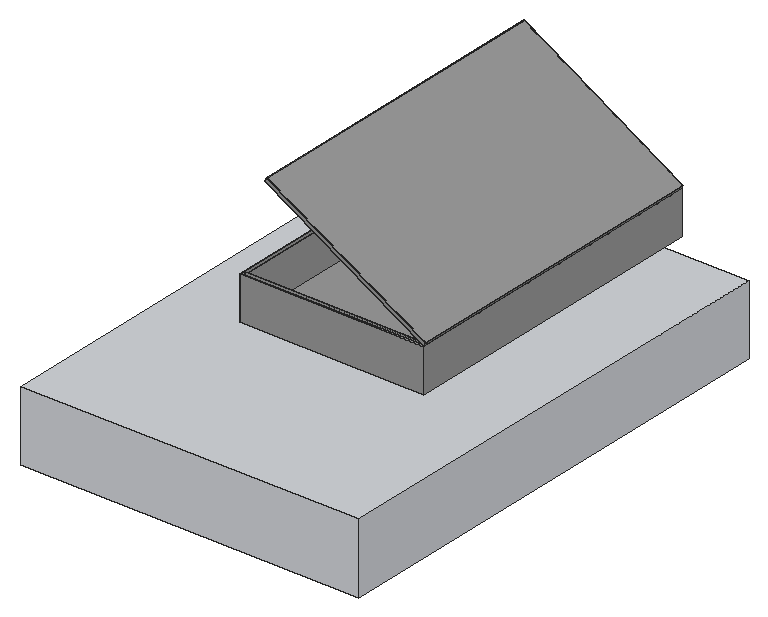
Revit family "Hager-Univers-IP44-D205-H1400-Cl.II-Encl-BE-fr", category Equipement électrique, Revit 2020
Family settings
  Hôte = Face
  Configuration du panneau = Deux colonnes, circuits au sein
  Cote de connecteur circulaire = Utiliser le diamètre
  Type d'élément = Tableau de raccordement
  Couper avec des vides une fois chargée = Non
  Partagée = Non
  Point de calcul de pièce = Non
Parameters (values of type "saillie IP44 L800 H1400 P205  - FP93QS")
  Width Control [instance] = if([EF000008 - largeur] > Min Width, [EF000008 - largeur], Min Width)  # 800 mm
  Commentaires du type = [HG000003 - Gamme]  # "Univers"
  Thickness Door [instance] = if([EF009171 - épaisseur de matériau de la porte/du couvercle] > 3 mm, 3 mm, [EF009171 - épaisseur de matériau de la porte/du couvercle])  # 1 mm
  Seal Frame Offset [instance] = 17 mm  # constant formula
  Plinth Visibility [instance] = [HG000027 - Hauteur du socle] > 0 mm  # no
  Model = ""
  Min Width [instance] = 100 mm  # constant formula
  Min Height [instance] = 100 mm  # constant formula
  Min Depth [instance] = (2 * [EF009170 - épaisseur de matériau du boîtier]) + 1 mm  # 3 mm
  Internal Frame Depth [instance] = (Door System Depth * 0.5)  # 9 mm
  Height Control [instance] = if([EF000040 - hauteur] > Min Height, [EF000040 - hauteur], Min Height)  # 1400 mm
  HG000027 - Hauteur du socle = 0 mm
  HG000026 - Installation au sol = no
  HG000024 - Hauteur de la section basse = 800 mm
  HG000023 - Armoire double section = no
  HG000016 - Visibilité de la porte 3D [instance] = yes
  HG000015 - Visibilité de l'emprise de la porte [instance] = no
  HG000014 - Porte à droite [instance] = yes
  HG000013 - Porte à gauche [instance] = not([HG000014 - Porte à droite])  # no
  HG000012 - Angle de pivotement de la porte [instance] = 30.00°
  HG000010 - Portes asymétriques = no
  HG000009 - Porte à double battant = no
  HG000006 - Encastré = no
  HG000004 - Référence fabricant = "FP93QS"
  HG000003 - Gamme = "Univers"
  HG000002 - avec porte = yes
  Frame Offset Bottom [instance] = 10 mm  # constant formula
  Frame Offset [instance] = 15 mm  # constant formula
  EF015940 - couvercle avec décharge de pression = no
  EF011959 - degré de protection (NEMA) = ""
  EF009554 - nombre d'ouvertures pour plaques à bride = 6
  Fabricant = "Hager"  # constant formula
  EF009212 - finition du couvercle = "EV000116 - fermé"
  EF009171 - épaisseur de matériau de la porte/du couvercle = 1 mm
  EF009170 - épaisseur de matériau du boîtier = 1 mm
  EF008873 - courant nominal (In) = 250 A
  EF007800 - adapté à un parafoudre = no
  EF006306 - avec serrure = no
  EF006244 - couvercle/porte transparent(e) = no
  EF005474 - indice de protection (IP) = "EV006418 - IP44"
  EF004464 - type de porte = "EV002646 - unique"
  EF004427 - nombre de modules = 324
  EF004293 - indice de protection contre les chocs (IK) = "EV006815 - IK09"
  EF003532 - convient pour utilisation à l’extérieur = no
  EF002950 - largeur en nombre de modules = 36
  EF001613 - maintien de fonction = "EV000494 - sans"
  EF001596 - matériau du boîtier/corps = "EV000179 - acier"
  EF001131 - profondeur intérieure = 143 mm
  EF001088 - possibilité de montage en saillie = yes
  EF000437 - nombre d'entrées de conduit = 6
  EF000339 - type de capot = "EV001012 - couvercle"
  EF000266 - nombre de rangées = 9
  EF000218 - profondeur d'encastrement = 0 mm
  EF000118 - avec cadre/support de montage = no
  EF000116 - numéro RAL = "9010"
  EF000049 - profondeur = 205 mm
  EF000040 - hauteur = 1400 mm
  EF000008 - largeur = 800 mm
  EF000007 - couleur = "EV000202 - blanc"
  EF000003 - mode de pose = "EV000384 - saillie"
  Door System Leaf Tolerance [instance] = 1.5 mm  # constant formula
  Door System Depth [instance] = 18 mm  # constant formula
  Door Height [instance] = Height Control - [HG000027 - Hauteur du socle]  # 1400 mm
  Depth Control [instance] = if([EF000049 - profondeur] > Min Depth, [EF000049 - profondeur], Min Depth)  # 205 mm
  Default Elevation = 0 mm
  Connector Offset [instance] = Height Control / 2  # 700 mm
  Bottom Top Plate Trim [instance] = 1.5 mm  # constant formula
  Plinth height Ctrl [instance] = if([HG000027 - Hauteur du socle] > 0 mm, [HG000027 - Hauteur du socle], 12 mm)  # 12 mm
Types (5, lengths in mm): name | Width Control | HG000009 - Porte à double battant | HG000004 - Référence fabricant | EF009554 - nombre d'ouvertures pour plaques à bride | EF004464 - type de porte | EF004427 - nombre de modules | EF002950 - largeur en nombre de modules | EF000437 - nombre d'entrées de conduit | EF000008 - largeur
  saillie IP44 L1050 H1400 P205  - FP94QS | 1050 | yes | "FP94QS" | 8 | "EV003602 - double" | 432 | 48 | 8 | 1050
  saillie IP44 L1300 H1400 P205  - FP95QS | 1300 | yes | "FP95QS" | 10 | "EV003602 - double" | 540 | 60 | 10 | 1300
  saillie IP44 L300 H1400 P205  - FP91QS | 300 | no | "FP91QS" | 2 | "EV002646 - unique" | 108 | 12 | 2 | 300
  saillie IP44 L550 H1400 P205  - FP92QS | 550 | no | "FP92QS" | 4 | "EV002646 - unique" | 216 | 24 | 4 | 550
  saillie IP44 L800 H1400 P205  - FP93QS | 800 | no | "FP93QS" | 6 | "EV002646 - unique" | 324 | 36 | 6 | 800
Reference planes
  plane 1 "Center (Front/Back)": y = 0
  plane 2: z = 0
  plane 3 "Center (Left/Right)": x = 0
  plane 4: z = 205
  plane 5: y = 1
  plane 6: y = 700
  plane 7: y = 0
  plane 8: y = 1400
  plane 9: z = 0
  plane 10: x = -385
  plane 11: x = 385
  plane 12: x = 384
  plane 13: x = -384
  plane 14: y = 1399
  plane 15: x = -383
  plane 16: x = -400
  plane 17: x = 383
  plane 18: x = 400
  plane 19: x = 399
  plane 20: x = -399
  plane 21: y = 11
  plane 22: y = 1400
  plane 23: y = 1384
  plane 24: z = 187
  plane 25: z = 1
  plane 26: z = 186
  plane 27: z = 204
Forms (mm)
  Extrusion 1, solid
    sketch origin (0, 0, 0) x (1, 0, 0) y (0, 1, 0)
      loop
        line (-702.964, 1305) -> (-702.964, -811.445) -> (766.763, -811.445) -> (766.763, 1305) -> (-702.964, 1305)
    from 0 to -304.8
  Extrusion 2, solid, material "Hager_Steel_RAL7035_Light_Grey", visible <- "Plinth Visibility", detail levels medium+fine
    sketch origin (0, 0, 0) x (1, 0, 0) y (0, 1, 0)
      loop
        line (-400, 0) -> (400, 0) -> (400, 12) -> (-400, 12) -> (-400, 0)
    from 0 to 187
  Extrusion 3, solid, material "Hager_Steel_RAL7035_Light_Grey", detail levels medium+fine
    sketch origin (0, 0, 0) x (1, 0, 0) y (0, 1, 0)
      loop
        line (-400, 0) -> (400, 0) -> (400, 1400) -> (-400, 1400) -> (-400, 0)
    from 0 to 187
  Extrusion 4, void
    sketch origin (0, 0, 0) x (1, 0, 0) y (0, 1, 0)
      loop
        line (-399, 1) -> (399, 1) -> (399, 1399) -> (-399, 1399) -> (-399, 1)
    from 1 to 186
  Extrusion 5, void
    sketch origin (-381.607, -4572, 187) x (0, -1, 0) y (-1, 0, 0)
      loop
        line (-4583, 2.393) -> (-5956, 2.393) -> (-5956, -765.607) -> (-4583, -765.607) -> (-4583, 2.393)
    from 0 to 1 <- "EF009170 - épaisseur de matériau du boîtier"
  Extrusion 6, solid, material "Hager_Steel_RAL7035_Light_Grey", detail levels fine
    sketch origin (0, 0, 187) x (1, 0, 0) y (0, 1, 0)
      loop
        line (-384, 1384) -> (-384, 11) -> (384, 11) -> (384, 1384) -> (-384, 1384)
      loop
        line (-385, 10) -> (385, 10) -> (385, 1385) -> (-385, 1385) -> (-385, 10)
    from 0 to 9 <- "Internal Frame Depth"
  Extrusion 7, solid, material "Hager_Steel_RAL7035_Light_Grey", detail levels coarse
    sketch origin (0, 0, 0) x (1, 0, 0) y (0, 1, 0)
      loop
        line (-400, 0) -> (400, 0) -> (400, 1400) -> (-400, 1400) -> (-400, 0)
    from 0 to 205
  Sweep 8, void
    path in 3D
      loop
        line (-400, 12, 0) -> (400, 12, 0) -> (400, 12, 187) -> (-400, 12, 187) -> (-400, 12, 0)
    profile origin (-400, 12, 93.5) x (-1, 0, 0) y (0, -1, 0)
      loop
        line (0, 0) -> (0, 1.5) -> (-1.5, 1.5)
        arc (-1.5, 1.5) -> (-1.061, 0.439) -> (0, 0) r 1.5
Cuts and joins
  Extrusion 4, Extrusion 5 cuts Extrusion 3
  Sweep 8 cuts Extrusion 2
Lines and regions (mm)
  Masking region 1
    outline origin (0, 0, 0) x (1, 0, 0) y (0, 0, 1)
      loop
        line (-400, 205) -> (-400, 0) -> (400, 0) -> (400, 205) -> (-400, 205)
  Masking region 2, detail levels medium+fine
    outline origin (0, 140, 0) x (0, 1, 0) y (0, 0, 1)
      loop
        line (-140, 0) -> (1260, 0) -> (1260, 187) -> (-140, 187) -> (-140, 0)
  Masking region 3, not visible, detail levels medium+fine
    outline origin (0, 297.922, 0) x (0, 1, 0) y (0, 0, 1)
      loop
        line (413.578, 0) -> (453.578, 0) -> (453.578, 194)
        arc (453.578, 194) -> (450.649, 201.071) -> (443.578, 204) r 10
        line (443.578, 204) -> (413.578, 204) -> (413.578, 0)
  Masking region 4, detail levels coarse
    outline origin (0, 0, 180) x (0, 1, 0) y (0, 0, 1)
      loop
        line (0, -180) -> (1400, -180) -> (1400, 25) -> (0, 25) -> (0, -180)
  Masking region 5, visible <- "Plinth Visibility", detail levels medium+fine
    outline origin (0, 52.24, 12.345) x (0, 0, -1) y (0, 1, 0)
      loop
        line (10.845, -40.24) -> (-173.155, -40.24)
        arc (-173.155, -40.24) -> (-173.594, -41.301) -> (-174.655, -41.74) r 1.5
        line (-174.655, -41.74) -> (-174.655, -52.24) -> (12.345, -52.24) -> (12.345, -41.74)
        arc (12.345, -41.74) -> (11.285, -41.301) -> (10.845, -40.24) r 1.5
  Masking region 6, detail levels medium+fine
    outline origin (-381.607, -4572, 187) x (-1, 0, 0) y (0, -1, 0)
      loop
        line (18.393, -5972) -> (18.393, -4572) -> (-781.607, -4572) -> (-781.607, -5972) -> (18.393, -5972)
  Masking region 7, visible <- "Plinth Visibility", detail levels medium+fine
    outline origin (-381.607, -4727, 187) x (-1, 0, 0) y (0, -1, 0)
      loop
        arc (16.893, -4739) -> (17.332, -4737.939) -> (18.393, -4737.5) r 1.5
        line (18.393, -4737.5) -> (18.393, -4727) -> (-781.607, -4727) -> (-781.607, -4737.5)
        arc (-781.607, -4737.5) -> (-780.546, -4737.939) -> (-780.107, -4739) r 1.5
        line (-780.107, -4739) -> (16.893, -4739)
  Masking region 8, detail levels coarse
    outline origin (-442.548, -4669.526, 187) x (-1, 0, 0) y (0, -1, 0)
      loop
        line (-42.548, -6069.526) -> (-42.548, -4669.526) -> (-842.548, -4669.526) -> (-842.548, -6069.526) -> (-42.548, -6069.526)
  sketch lines
    curve 1: line (-400, 12, 187) -> (-400, 12, 0)
    curve 2: line (400, 12, 187) -> (-400, 12, 187)
    curve 3: line (400, 12, 187) -> (400, 12, 0)
    curve 4: line (-400, 12, 0) -> (400, 12, 0)
Dimensions and locks
  "Depth Control": plane 4 to Extrusion 1
  "HG000027 - Hauteur du socle": plane 1 "Center (Front/Back)" to plane 7
  "EF009170 - épaisseur de matériau du boîtier": plane 5 to plane 7
  locked: connector elem to plane 3 "Center (Left/Right)"
  equal spacing: plane 8, plane 6, plane 7
  locked: connector elem to plane 6
  "EF009170 - épaisseur de matériau du boîtier": plane 8 to plane 14
  "EF009170 - épaisseur de matériau du boîtier": plane 10 to plane 13
  "EF009170 - épaisseur de matériau du boîtier": plane 12 to plane 11
  "Frame Offset": plane 20 to plane 13
  "Frame Offset": plane 12 to plane 19
  "EF009170 - épaisseur de matériau du boîtier": plane 16 to plane 20
  "EF009170 - épaisseur de matériau du boîtier": plane 19 to plane 18
  "Seal Frame Offset": plane 16 to plane 15
  "Seal Frame Offset": plane 17 to plane 18
  "Frame Offset Bottom": plane 21 to plane 5
  "Frame Offset": plane 14 to plane 23
  equal spacing: plane 16, plane 3 "Center (Left/Right)", plane 18
  "Width Control": plane 16 to plane 18
  "EF009170 - épaisseur de matériau du boîtier": plane 4 to plane 27
  "EF009170 - épaisseur de matériau du boîtier": plane 24 to plane 26
  "EF009170 - épaisseur de matériau du boîtier": plane 25 to level
  "Door System Depth": plane 4 to plane 24
  "Height Control": plane 1 "Center (Front/Back)" to Extrusion 7 sketch curve
  "Height Control": Masking region 4 sketch curve to plane 1 "Center (Front/Back)"
  "Height Control": plane 1 "Center (Front/Back)" to plane 22
  "Bottom Top Plate Trim": profile plane to Sweep 8 sketch curve
  "Bottom Top Plate Trim": Sweep 8 sketch curve to profile plane
  "Plinth height Ctrl": plane 1 "Center (Front/Back)" to Extrusion 2 sketch curve
  "Plinth height Ctrl": Masking region 5 sketch curve to plane 1 "Center (Front/Back)"
  "Plinth height Ctrl": plane 1 "Center (Front/Back)" to Masking region 7 sketch curve
  "Thickness Door": Extrusion 6 sketch curve to Extrusion 6 sketch curve  (x3)
  "Thickness Door": cut or joined group of Extrusion 3, Extrusion 4, Extrusion 5 to Extrusion 6 sketch curve
  radius of Masking region 3 sketch curve = 10 mm
  "Bottom Top Plate Trim": radius of Masking region 5 sketch curve  (x2)
  "Bottom Top Plate Trim": radius of Sweep 8 sketch curve
  "Bottom Top Plate Trim": radius of Masking region 7 sketch curve  (x2)
  aligned and locked: plane 2 to Extrusion 1
  aligned and locked: level to Extrusion 1
  aligned and locked: level to Masking region 1 sketch curve
  aligned and locked: Masking region 1 sketch curve to plane 18
  aligned and locked: Masking region 1 sketch curve to plane 16
  aligned and locked: plane 7 to Masking region 2 sketch curve
  aligned and locked: level to Masking region 3 sketch curve
  aligned and locked: Masking region 3 sketch curve to plane 27
  aligned and locked: level to Masking region 2 sketch curve
  aligned and locked: plane 1 "Center (Front/Back)" to Extrusion 2 sketch curve
  aligned and locked: Extrusion 3 sketch curve to plane 7
  aligned and locked: plane 16 to Extrusion 3 sketch curve
  aligned and locked: plane 18 to Extrusion 3 sketch curve
  aligned and locked: plane 20 to Extrusion 4 sketch curve
  aligned and locked: plane 19 to Extrusion 4 sketch curve
  aligned and locked: Extrusion 4 sketch curve to plane 5
  aligned and locked: Extrusion 4 to plane 25
  aligned and locked: plane 26 to Extrusion 4
  aligned and locked: plane 24 to Extrusion 3
  aligned and locked: Extrusion 5 sketch curve to plane 21
  aligned and locked: Extrusion 5 sketch curve to plane 13
  aligned and locked: Extrusion 5 sketch curve to plane 12
  aligned and locked: plane 18 to Extrusion 7 sketch curve
  aligned and locked: plane 1 "Center (Front/Back)" to Extrusion 7 sketch curve
  aligned and locked: plane 16 to Extrusion 7 sketch curve
  aligned and locked: plane 4 to Extrusion 7
  aligned and locked: Extrusion 7 to level
  aligned and locked: level to Masking region 4 sketch curve
  aligned and locked: Masking region 4 sketch curve to plane 1 "Center (Front/Back)"
  aligned and locked: Masking region 4 sketch curve to plane 4
  aligned and locked: nested 1 to level
  aligned and locked: nested 1 to plane 16
  aligned and locked: plane 8 to Extrusion 3 sketch curve
  aligned and locked: plane 23 to Extrusion 5 sketch curve
  aligned and locked: plane 14 to Extrusion 4 sketch curve
  aligned and locked: Masking region 2 sketch curve to plane 8
  aligned and locked: level to Masking region 5 sketch curve
  aligned and locked: plane 16 to Extrusion 2 sketch curve
  aligned and locked: plane 18 to Extrusion 2 sketch curve
  aligned and locked: Masking region 5 sketch curve to plane 24
  aligned and locked: Masking region 2 sketch curve to plane 24
  aligned and locked: plane 24 to Extrusion 2
  aligned and locked: profile plane to Sweep 8 sketch curve  (x2)
  aligned and locked: Masking region 6 sketch curve to plane 18
  aligned and locked: Masking region 6 sketch curve to plane 22
  aligned and locked: Masking region 6 sketch curve to plane 16
  aligned and locked: plane 8 to plane 22
  aligned and locked: Masking region 6 sketch curve to plane 7
  aligned and locked: Masking region 7 sketch curve to plane 16
  aligned and locked: Masking region 7 sketch curve to plane 1 "Center (Front/Back)"
  aligned and locked: Masking region 7 sketch curve to plane 18
  aligned and locked: Masking region 8 sketch curve to plane 1 "Center (Front/Back)"
  aligned and locked: Masking region 8 sketch curve to plane 18
  aligned and locked: Masking region 8 sketch curve to plane 22
  aligned and locked: Masking region 8 sketch curve to plane 16
  aligned and locked: nested 2 to plane 7
  aligned and locked: plane 3 "Center (Left/Right)" to nested 2
  aligned and locked: nested 2 to plane 24
  aligned and locked: Extrusion 6 sketch curve to cut or joined group of Extrusion 3, Extrusion 4, Extrusion 5  (x4)
Automatic sketch dimensions
  Extrusion 1 sketch curve to Extrusion 1 sketch curve = 1469.727 mm
  Extrusion 1 sketch curve to Extrusion 1 sketch curve = 2116.445 mm
  Masking region 1 sketch curve to plane 4 = 0 mm
  plane 6 to Masking region 3 sketch curve = 11.5 mm
  Masking region 3 sketch curve to Masking region 3 sketch curve = 30 mm
  Masking region 5 sketch curve to plane 1 "Center (Front/Back)" = 0 mm
Nested families
  nested 1: "Hager_Enclosure_Symbol" at (-400, 0, 0) x (1, 0, 0) z (0, -1, 0), Height <- "Depth Control", Width <- "Width Control", type "Hager_Enclosure_Symbol"
    with Width_Ctrl 800 mm, Width 800 mm, Height_Ctrl 205 mm, Height 205 mm, A_Width_Int 13.453 mm, A_Width 161.438 mm, A_Height_Ctrl 179.375 mm, A_Height 179.375 mm
  nested 2: "EC000058_Univers_Door" at (0, 0, 187) x (1, 0, 0) z (0, 1, 0), Leaf_Tolerance <- "Door System Leaf Tolerance", Angle <- "HG000012 - Angle de pivotement de la porte", Door_Depth <- "Door System Depth", Door_Left <- "HG000013 - Porte à gauche", Transparent <- "EF006244 - couvercle/porte transparent(e)", Assymetrical <- "HG000010 - Portes asymétriques", Width <- "Width Control", Clearance <- "HG000015 - Visibilité de l'emprise de la porte", Double <- "HG000009 - Porte à double battant", 3d_Door <- "HG000016 - Visibilité de la porte 3D", Lock_Visibility <- "EF006306 - avec serrure", Width_Ctrl <- "Width Control", Door_Right <- "HG000014 - Porte à droite", Door <- "HG000002 - avec porte", Height <- "Door Height", Thickness <- "Thickness Door", type "EC000058_Univers_Door", detail levels medium+fine
    with min_wh 3 mm, Width_Ctrl 800 mm, Width 800 mm, Transparent no, Thickness 1 mm, Seal_Material Hager_Rubber, Lock_Visibility no, Lock_Material Hager_Plastic_RAL9005_Jet_Black, Leaf_Width 800 mm, Leaf_Tolerance_External_Sides 0 mm, Leaf_Tolerance 1.5 mm, Leaf_Offset 0 mm, Leaf_Height 1397 mm, Leaf_2_Width 800 mm, Leaf_2_Offset 400 mm, Leaf_1_Width 800 mm, Leaf_1_Offset 400 mm, Height_Ctrl 1400 mm, Height 1400 mm, Glass_Material Hager_Glass, Double_Clearance_Ctrl no, Double no, Door_Right_Ctrl yes, Door_Right yes, Door_Material Hager_Steel_RAL7035_Light_Grey, Door_Left_Ctrl no, Door_Left no, Door_Depth 18 mm, Door yes, Clearance_Material Hager_Clearance, Clearance_Depth 800 mm, Clearance_Ctrl no, Clearance no, Assymetrical no, Angle 30.00°, 3d_Door yes
Connectors
  electrical at (0, 700, 0)
    settings: on plane 9, index 1, voltage 0 V, apparent load 0 VA, apparent load phase1 0 VA, apparent load phase2 0 VA, apparent load phase3 0 VA, power factor 1, load classification "Other", number of poles 1, system type 30, power factor state 1, is connector primary yes, connector utility no, sub classification motor no, connector description ""
Definition of nested family "EC000058_Univers_Door"
  Parameters (values of type "EC000058_Univers_Door")
    min_wh [instance] = (2 * Thickness) + 1 mm  # 11 mm
    Width_Ctrl [instance] = 400 mm
    Width [instance] = 500 mm
    Transparent [instance] = yes
    Thickness [instance] = 5 mm
    Seal_Material [instance] = none
    Lock_Visibility [instance] = yes
    Lock_Material [instance] = none
    Leaf_Width [instance] = if((Width_Ctrl - 2 * Leaf_Tolerance_External_Sides) > 0 mm, (Width_Ctrl - 2 * Leaf_Tolerance_External_Sides), min_wh)  # 400 mm
    Leaf_Tolerance_External_Sides [instance] = 0 mm  # constant formula
    Leaf_Tolerance [instance] = 1.5 mm
    Leaf_Offset [instance] = 0 mm  # constant formula
    Leaf_Height [instance] = if((Height_Ctrl - 2 * Leaf_Tolerance) > 0 mm, (Height_Ctrl - 2 * Leaf_Tolerance), min_wh)  # 497 mm
    Leaf_2_Width [instance] = if(and(and(Double, Assymetrical), Door_Left), (Leaf_Width / 3) - (Leaf_Tolerance / 2), if(and(and(Double, Assymetrical), Door_Right), (Leaf_Width / 3) * 2 - (Leaf_Tolerance / 2), if(and(Double, not(Assymetrical)), (Leaf_Width / 2) - Leaf_Tolerance, Leaf_Width)))  # 400 mm
    Leaf_2_Offset [instance] = if(and(Double, Assymetrical), Leaf_2_Width / 2, if(and(Double, not(Assymetrical)), Leaf_Width / 4, Leaf_Width / 2))  # 200 mm
    Leaf_1_Width [instance] = if(and(and(Double, Assymetrical), Door_Right), (Leaf_Width / 3) - (Leaf_Tolerance / 2), if(and(and(Double, Assymetrical), Door_Left), (Width / 3) * 2 - (Leaf_Tolerance / 2), if(and(Double, not(Assymetrical)), (Leaf_Width / 2) - Leaf_Tolerance, Leaf_Width)))  # 400 mm
    Leaf_1_Offset [instance] = if(and(Double, Assymetrical), Leaf_1_Width / 2, if(and(Double, not(Assymetrical)), Leaf_Width / 4, Leaf_Width / 2))  # 200 mm
    Height_Ctrl [instance] = if(Height > min_wh, Height, min_wh)  # 500 mm
    Height [instance] = 500 mm
    Glass_Material [instance] = none
    Double_Clearance_Ctrl [instance] = and(Double, Clearance)  # no
    Double [instance] = no
    Door_Right_Ctrl [instance] = and(or(Door_Right, Double), Door)  # yes
    Door_Right [instance] = yes
    Door_Material [instance] = none
    Door_Left_Ctrl [instance] = and(or(Door_Left, Double), Door)  # no
    Door_Left [instance] = no
    Door_Depth [instance] = 30 mm
    Door [instance] = yes
    Default Elevation = 1219.2 mm
    Clearance_Material [instance] = none
    Clearance_Depth [instance] = if(Leaf_1_Width > Leaf_2_Width, Leaf_1_Width, Leaf_2_Width)  # 400 mm
    Clearance_Ctrl [instance] = and(not(Double), Clearance)  # yes
    Clearance [instance] = yes
    Assymetrical [instance] = yes
    Angle [instance] = 30.00°
    3d_Door [instance] = yes
  Reference planes
    plane 1 "Center (Front/Back)": y = 0
    plane 2 "Bottom": z = 0
    plane 3 "Center (Left/Right)": x = 0
    plane 4: z = 500
    plane 5: x = -200
    plane 6: x = 200
    plane 7: z = 500
    plane 8: x = -200
    plane 9: z = 0
    plane 10: x = 200
    plane 11: y = 0
    plane 12: z = 1.5
    plane 13: x = -600
    plane 14: y = -400
    plane 15: x = 600
    plane 16: x = 0
    plane 17: x = 0
    plane 18: x = -200
    plane 19: x = 200
    plane 20: z = 498.5
  Forms (mm)
    Extrusion 1, solid, material <- "Clearance_Material", visible <- "Double_Clearance_Ctrl"
      sketch origin (1200, 0, 0) x (1, 0, 0) y (0, 0, -1)
        loop
          line (-1800, -498.5) -> (-600, -498.5) -> (-600, 0) -> (-1800, 0) -> (-1800, -498.5)
      from 0 to -400
  Dimensions and locks
    equal spacing: plane 5, plane 3 "Center (Left/Right)", plane 6
    "Width_Ctrl": plane 5 to plane 6
    "Leaf_Offset": plane 5 to plane 8
    "Leaf_Offset": plane 6 to plane 10
    "Leaf_Offset": plane 9 to level
    "Leaf_Offset": plane 4 to plane 7
    "Height_Ctrl": plane 4 to level
    "Leaf_Tolerance": plane 12 to plane 9
    locked: plane 11 to plane 1 "Center (Front/Back)"
    "Leaf_1_Offset": plane 18 to plane 16
    "Leaf_2_Offset": plane 17 to plane 19
    "Leaf_1_Width": plane 13 to plane 8
    "Leaf_2_Width": plane 10 to plane 15
    "Clearance_Depth": plane 14 to plane 1 "Center (Front/Back)"
    "Leaf_Tolerance_External_Sides": plane 8 to plane 18
    "Leaf_Tolerance_External_Sides": plane 19 to plane 10
    "Leaf_Tolerance": plane 7 to plane 20
    aligned and locked: level to plane 2 "Bottom"
    aligned and locked: nested 1 to plane 16
    aligned and locked: nested 2 to plane 17
    aligned and locked: Extrusion 1 to plane 13
    aligned and locked: plane 15 to Extrusion 1
    aligned and locked: Extrusion 1 to plane 14
    aligned and locked: plane 12 to nested 1
    aligned and locked: nested 2 to plane 12
    aligned and locked: Extrusion 1 to plane 11
    aligned and locked: plane 20 to Extrusion 1
    aligned and locked: nested 2 to plane 11
    aligned and locked: nested 1 to plane 11
  Automatic sketch dimensions
    Extrusion 1 sketch curve to level = 0 mm
    plane 5 to Extrusion 1 sketch curve = 400 mm
    plane 6 to Extrusion 1 sketch curve = 400 mm
    Extrusion 1 sketch curve to plane 4 = 1.5 mm
  Nested families
    nested 1: "EC000058_Univers_Door_Leaf" at (0, 0, 1.5), Width <- "Leaf_1_Width", visible <- "Door_Left_Ctrl", Leaf_Height <- "Leaf_Height", Angle <- "Angle", 3d_Door <- "3d_Door", Transparent <- "Transparent", Clearance Material <- "Clearance_Material", Clearance <- "Clearance_Ctrl", Door_Material <- "Door_Material", Glass_Material <- "Glass_Material", Door_Depth <- "Door_Depth", Lock_Material <- "Lock_Material", Seal_Material <- "Seal_Material", Lock_Visibility <- "Lock_Visibility", Thickness <- "Thickness", type "EC000058_Univers_Door_Leaf"
      with Width 400 mm, Transparent_Glass_Offset 30 mm, Transparent_Ctrl yes, Transparent yes, Thickness 5 mm, Standard no, Seal_Material none, Seal_D2 8 mm, Seal_D1 1 mm, Offset_Internal_Frame 10 mm, Lock_Width 20 mm, Lock_Visibility_3d yes, Lock_Visibility yes, Lock_Thickness_3 3 mm, Lock_Thickness_2 1 mm, Lock_Thickness_1 3 mm, Lock_Radius_Offset_2 16 mm, Lock_Radius_Offset_1 15 mm, Lock_Radius_2 5 mm, Lock_Radius 6 mm, Lock_Offset 5 mm, Lock_Material none, Lock_Height 80 mm, Lock_Cover_Top_Offset_2d 17 mm, Lock_Cover_Height -65 mm, Leaf_Height 497 mm, Internal_Seal_Thickness 8 mm, Internal_Seal_Depth_2 4.5 mm, Internal_Frame_Depth 25 mm, Glass_Thickness -1 mm, Glass_Offset -2 mm, Glass_Material none, Door_Material none, Door_Depth 30 mm, Clearance Material none, Clearance yes, Angle_Ctrl 30.00°, Angle 30.00°, 3d_Door yes
    nested 2: "EC000058_Univers_Door_Leaf" at (0, 0, 1.5) x (-1, 0, 0) z (0, 0, 1), Width <- "Leaf_2_Width", visible <- "Door_Right_Ctrl", Leaf_Height <- "Leaf_Height", Angle <- "Angle", 3d_Door <- "3d_Door", Transparent <- "Transparent", Clearance Material <- "Clearance_Material", Clearance <- "Clearance_Ctrl", Door_Material <- "Door_Material", Glass_Material <- "Glass_Material", Door_Depth <- "Door_Depth", Lock_Material <- "Lock_Material", Seal_Material <- "Seal_Material", Lock_Visibility <- "Lock_Visibility", Thickness <- "Thickness", type "EC000058_Univers_Door_Leaf"
      with Width 400 mm, Transparent_Glass_Offset 30 mm, Transparent_Ctrl yes, Transparent yes, Thickness 5 mm, Standard no, Seal_Material none, Seal_D2 8 mm, Seal_D1 1 mm, Offset_Internal_Frame 10 mm, Lock_Width 20 mm, Lock_Visibility_3d yes, Lock_Visibility yes, Lock_Thickness_3 3 mm, Lock_Thickness_2 1 mm, Lock_Thickness_1 3 mm, Lock_Radius_Offset_2 16 mm, Lock_Radius_Offset_1 15 mm, Lock_Radius_2 5 mm, Lock_Radius 6 mm, Lock_Offset 5 mm, Lock_Material none, Lock_Height 80 mm, Lock_Cover_Top_Offset_2d 17 mm, Lock_Cover_Height -65 mm, Leaf_Height 497 mm, Internal_Seal_Thickness 8 mm, Internal_Seal_Depth_2 4.5 mm, Internal_Frame_Depth 25 mm, Glass_Thickness -1 mm, Glass_Offset -2 mm, Glass_Material none, Door_Material none, Door_Depth 30 mm, Clearance Material none, Clearance yes, Angle_Ctrl 30.00°, Angle 30.00°, 3d_Door yes
  Definition of nested family "EC000058_Univers_Door_Leaf"
    Parameters (values of type "EC000058_Univers_Door_Leaf")
      Width [instance] = 2000 mm
      Transparent_Glass_Offset [instance] = 30 mm
      Transparent_Ctrl [instance] = and(Transparent, [3d_Door])  # yes
      Transparent [instance] = yes
      Thickness [instance] = 5 mm
      Standard [instance] = and(not(Transparent), [3d_Door])  # no
      Seal_Material [instance] = none
      Seal_D2 [instance] = 8 mm  # constant formula
      Seal_D1 [instance] = 1 mm  # constant formula
      Offset_Internal_Frame [instance] = 10 mm  # constant formula
      Lock_Width [instance] = 20 mm  # constant formula
      Lock_Visibility_3d [instance] = and(Lock_Visibility, [3d_Door])  # yes
      Lock_Visibility [instance] = yes
      Lock_Thickness_3 [instance] = 3 mm  # constant formula
      Lock_Thickness_2 [instance] = 1 mm  # constant formula
      Lock_Thickness_1 [instance] = 3 mm  # constant formula
      Lock_Radius_Offset_2 [instance] = Lock_Radius_Offset_1 + 1 mm  # 16 mm
      Lock_Radius_Offset_1 [instance] = 15 mm  # constant formula
      Lock_Radius_2 [instance] = Lock_Radius - 1 mm  # 5 mm
      Lock_Radius [instance] = 6 mm  # constant formula
      Lock_Offset [instance] = 5 mm  # constant formula
      Lock_Material [instance] = none
      Lock_Height [instance] = 80 mm  # constant formula
      Lock_Cover_Top_Offset_2d [instance] = Lock_Radius_Offset_2 + 1 mm  # 17 mm
      Lock_Cover_Height [instance] = -(Lock_Height - Lock_Radius_Offset_1)  # -65 mm
      Leaf_Height [instance] = 2720.336 mm
      Internal_Seal_Thickness [instance] = 8 mm  # constant formula
      Internal_Seal_Depth_2 [instance] = 4.5 mm  # constant formula
      Internal_Frame_Depth [instance] = if(Door_Depth - Thickness > 5 mm, Door_Depth - Thickness, 5 mm)  # 25 mm
      Glass_Thickness [instance] = if(Thickness > 15 mm, Glass_Offset + 10 mm, -1 mm)  # -1 mm
      Glass_Offset [instance] = if(Thickness > 15 mm, -(Thickness + 10 mm) / 2, -2 mm)  # -2 mm
      Glass_Material [instance] = none
      Door_Material [instance] = none
      Door_Depth [instance] = 30 mm
      Default Elevation = 0 mm
      Clearance Material [instance] = none
      Clearance [instance] = yes
      Angle_Ctrl [instance] = if(Angle > 180.00°, 180.00°, Angle)  # 90.00°
      Angle [instance] = 90.00°
      3d_Door [instance] = yes
    Reference planes
      plane 1 "Center (Front/Back)": y = 0
      plane 2: z = 0
      plane 3 "Center (Left/Right)": x = 0
      plane 4: y = 2000
      plane 5: x = -1000
      plane 6: x = 1000
      plane 7: x = -3000
      plane 8: z = 2720.336
      plane 9: z = 30
      plane 10: z = 2690.336
      plane 11: x = 970
      plane 12: x = -970
      plane 13: y = -3
      plane 14: z = 107.833
      plane 15: y = -5
      plane 16: y = -223.314
      plane 17: x = -1000
      plane 18: z = 1360.168
      plane 19: y = 30
    Forms (mm)
      Extrusion 1, solid, material <- "Clearance Material", visible <- "Clearance"
        sketch origin (0, 0, 0) x (1, 0, 0) y (0, 0, 1)
          loop
            line (-3000, 2720.336) -> (-3000, 0) -> (1000, 0) -> (1000, 2720.336) -> (-3000, 2720.336)
        from 0 to -2000
      Extrusion 2, solid, material <- "Door_Material", visible <- "Standard", detail levels medium+fine
        sketch origin (-1000, 0, 0) x (0, 1, 0) y (-1, 0, 0)
          loop
            line (0, 30) -> (0, 25) -> (2000, 25) -> (2000, 30) -> (0, 30)
        from 0 to 2720.336 <- "Leaf_Height"
      Extrusion 3, solid, material <- "Door_Material", visible <- "Transparent_Ctrl", detail levels medium+fine
        sketch origin (-1000, 0, 0) x (0, 1, 0) y (-1, 0, 0)
          loop
            line (0, 25) -> (2000, 25) -> (2000, 30) -> (0, 30) -> (0, 25)
        from 0 to 2720.336 <- "Leaf_Height"
      Extrusion 4, void
        sketch origin (-1025, 2000, 0) x (0, 1, 0) y (0, 0, -1)
          loop
            line (-30, -2690.336) -> (-30, -30) -> (-1970, -30) -> (-1970, -2690.336) -> (-30, -2690.336)
        from 0 to 5 <- "Thickness"
      Sweep 5, solid, material <- "Seal_Material", visible <- "Transparent_Ctrl", detail levels fine
        path in 3D
          loop
            line (-1025, 30, 30) -> (-1025, 30, 2690.336) -> (-1025, 1970, 2690.336) -> (-1025, 1970, 30) -> (-1025, 30, 30)
        profile origin (-1025, 1000, 30) x (1, 0, 0) y (0, 0, 1)
          loop
            line (0, 0) -> (0, -8) -> (1, -8) -> (1, 0) -> (0, 0)
      Extrusion 6, solid, material <- "Glass_Material", visible <- "Transparent_Ctrl", detail levels medium+fine
        sketch origin (-1030, 0, 0) x (0, 1, 0) y (0, 0, -1)
          loop
            line (1970, -2690.336) -> (1970, -30) -> (30, -30) -> (30, -2690.336) -> (1970, -2690.336)
        from -2 <- "Glass_Offset" to -1 <- "Glass_Thickness"
      Extrusion 7, solid, material <- "Door_Material", visible <- "3d_Door", detail levels medium+fine
        sketch origin (-1025, 2000, 0) x (0, -1, 0) y (0, 0, -1)
          loop
            line (0, -2720.336) -> (2000, -2720.336) -> (2000, 0) -> (0, 0) -> (0, -2720.336)
          loop
            line (1995, -5) -> (5, -5) -> (5, -2715.336) -> (1995, -2715.336) -> (1995, -5)
        from 0 to 25 <- "Internal_Frame_Depth"
      Sweep 8, solid, material <- "Seal_Material", visible <- "Transparent_Ctrl", detail levels fine
        path in 3D
          loop
            line (-1025, 0, 0) -> (-1025, 2000, 0) -> (-1025, 2000, 2720.336) -> (-1025, 0, 2720.336) -> (-1025, 0, 0)
        profile origin (-1025, 0, 1360.168) x (1, 0, 0) y (0, 1, 0)
          loop
            line (0, 10) -> (2.975, 10)
            arc (2.975, 10) -> (4.053, 10.447) -> (4.5, 11.525) r 1.525
            line (4.5, 11.525) -> (4.5, 16.527)
            arc (4.5, 16.527) -> (4.069, 17.569) -> (3.027, 18) r 1.473
            line (3.027, 18) -> (0, 18) -> (0, 10)
      Extrusion 9, solid, material <- "Lock_Material", visible <- "Lock_Visibility_3d", detail levels fine
        sketch origin (-1030, 0, 0) x (0, 1, 0) y (0, 0, -1)
          loop
            arc (1993.5, -1400.168) -> (1994.561, -1399.729) -> (1995, -1398.668) r 1.5
            line (1995, -1398.668) -> (1995, -1320.168) -> (1975, -1320.168) -> (1975, -1398.668)
            arc (1975, -1398.668) -> (1975.439, -1399.729) -> (1976.5, -1400.168) r 1.5
            line (1976.5, -1400.168) -> (1993.5, -1400.168)
        from 3 <- "Lock_Thickness_1" to 0
      Blend 10, solid, material <- "Lock_Material", visible <- "Lock_Visibility_3d", detail levels fine
        base sketch origin (-1033, 0, 0) x (0, 1, 0) y (0, 0, -1)
          loop
            line (1975, -1320.168) -> (1975, -1398.668)
            arc (1975, -1398.668) -> (1975.439, -1399.729) -> (1976.5, -1400.168) r 1.5
            line (1976.5, -1400.168) -> (1993.5, -1400.168)
            arc (1993.5, -1400.168) -> (1994.561, -1399.729) -> (1995, -1398.668) r 1.5
            line (1995, -1398.668) -> (1995, -1320.168) -> (1975, -1320.168)
        top sketch origin (-1033, 0, 0) x (0, 1, 0) y (0, 0, -1)
          loop
            line (1976, -1320.168) -> (1976, -1398.668)
            arc (1976, -1398.668) -> (1976.146, -1399.022) -> (1976.5, -1399.168) r 0.5
            line (1976.5, -1399.168) -> (1993.5, -1399.168)
            arc (1993.5, -1399.168) -> (1993.854, -1399.022) -> (1994, -1398.668) r 0.5
            line (1994, -1398.668) -> (1994, -1320.168) -> (1976, -1320.168)
        from 0 to 1 <- "Lock_Thickness_2"
      Blend 11, solid, material <- "Lock_Material", visible <- "Lock_Visibility_3d", detail levels fine
        base sketch origin (-1034, 0, 0) x (0, 1, 0) y (0, 0, -1)
          loop
            line (1978, -1320.168) -> (1978, -1384.168)
            arc (1978, -1384.168) -> (1985, -1391.168) -> (1992, -1384.168) r 7
            line (1992, -1384.168) -> (1992, -1320.168) -> (1978, -1320.168)
        top sketch origin (-1034, 0, 0) x (0, 1, 0) y (0, 0, -1)
          loop
            line (1991, -1320.168) -> (1979, -1320.168) -> (1979, -1383.168)
            arc (1979, -1383.168) -> (1985, -1389.168) -> (1991, -1383.168) r 6
            line (1991, -1383.168) -> (1991, -1320.168)
        from 0 to 3 <- "Lock_Thickness_3"
      Extrusion 12, solid, material <- "Lock_Material", visible <- "Lock_Visibility_3d", detail levels fine
        sketch origin (-1030, 1975, 1320.168) x (1, 0, 0) y (0, -1, 0)
          loop
            line (-7, -19) -> (-7, -1) -> (0, -1) -> (0, 0) -> (-8, 0) -> (-8, -20) -> (0, -20) -> (0, -19) -> (-7, -19)
        from 0 to -65 <- "Lock_Cover_Height"
      Extrusion 13, void
        sketch origin (-1038, 1995, 1320.168) x (-1, 0, 0) y (0, 0, -1)
          loop
            line (-5, -65) -> (0, -65) -> (-5, -60) -> (-5, -65)
        from 0 to 20 <- "Lock_Width"
      Extrusion 14, void
        sketch origin (-1038, 1975, 1320.168) x (0, -1, 0) y (0, 0, -1)
          loop
            circle (-10, -15.995) r 6
          loop
            circle (-10, -15.995) r 5
        from 0 to 2
      Extrusion 15, solid, material <- "Lock_Material", visible <- "Lock_Visibility_3d", detail levels medium
        sketch origin (-1030, 0, 0) x (0, 1, 0) y (0, 0, -1)
          loop
            arc (1993.5, -1400.168) -> (1994.561, -1399.729) -> (1995, -1398.668) r 1.5
            line (1995, -1398.668) -> (1995, -1320.168) -> (1975, -1320.168) -> (1975, -1398.668)
            arc (1975, -1398.668) -> (1975.439, -1399.729) -> (1976.5, -1400.168) r 1.5
            line (1976.5, -1400.168) -> (1993.5, -1400.168)
        from 8 to 0
    Cuts and joins
      Extrusion 4 cuts Extrusion 3
      Extrusion 13, Extrusion 14 cuts Extrusion 9
      Extrusion 14 cuts Blend 11
      Extrusion 13, Extrusion 14 cuts Extrusion 12
      joined: Extrusion 9, Blend 10, Blend 11, Extrusion 12
      Extrusion 14 cuts Extrusion 15
    Lines and regions (mm)
      Masking region 1, visible <- "Lock_Visibility", detail levels fine
        outline origin (0, 0, 0) x (0, 1, 0) y (0, 0, 1)
          loop
            line (30, 1320.168) -> (33, 1320.168) -> (33, 1400.168) -> (30, 1400.168) -> (30, 1320.168)
      Masking region 2, visible <- "Lock_Visibility", detail levels fine
        outline origin (0, 3.143, 0) x (0, 1, 0) y (0, 0, 1)
          loop
            line (29.857, 1354.168) -> (30.857, 1354.168) -> (30.857, 1366.168) -> (29.857, 1366.168) -> (29.857, 1354.168)
      Masking region 3, detail levels medium+fine
        outline origin (0, 0, 0) x (0, 1, 0) y (0, 0, 1)
          loop
            line (0, 0) -> (30, 0) -> (30, 2720.336) -> (0, 2720.336) -> (0, 0)
      Masking region 4, detail levels medium+fine
        outline origin (0, 0, 0) x (1, 0, 0) y (0, 0, 1)
          loop
            line (-1000, 2720.336) -> (-1000, 0) -> (1000, 0) -> (1000, 2720.336) -> (-1000, 2720.336)
      Masking region 5, visible <- "Lock_Visibility", detail levels fine
        outline origin (-47.116, 0, 0) x (1, 0, 0) y (0, 0, 1)
          loop
            arc (1024.616, 1399.168) -> (1023.556, 1398.729) -> (1023.116, 1397.668) r 1.5
            line (1023.116, 1397.668) -> (1023.116, 1320.168) -> (1041.116, 1320.168) -> (1041.116, 1397.668)
            arc (1041.116, 1397.668) -> (1040.677, 1398.729) -> (1039.616, 1399.168) r 1.5
            line (1039.616, 1399.168) -> (1024.616, 1399.168)
      Masking region 6, visible <- "Lock_Visibility", detail levels medium+fine
        outline origin (-25, 0, 0) x (1, 0, 0) y (0, 0, 1)
          loop
            arc (1001.5, 1400.168) -> (1000.439, 1399.729) -> (1000, 1398.668) r 1.5
            line (1000, 1398.668) -> (1000, 1320.168) -> (1020, 1320.168) -> (1020, 1398.668)
            arc (1020, 1398.668) -> (1019.561, 1399.729) -> (1018.5, 1400.168) r 1.5
            line (1018.5, 1400.168) -> (1001.5, 1400.168)
      Masking region 7, visible <- "Lock_Visibility", detail levels fine
        outline origin (-73.735, 0, 0) x (1, 0, 0) y (0, 0, 1)
          loop
            line (1051.735, 1382.168) -> (1065.735, 1382.168) -> (1065.735, 1384.168)
            arc (1065.735, 1384.168) -> (1058.735, 1391.168) -> (1051.735, 1384.168) r 7
            line (1051.735, 1384.168) -> (1051.735, 1382.168)
      Masking region 8, visible <- "Lock_Visibility", detail levels fine
        outline origin (-73.735, 0, 0) x (1, 0, 0) y (0, 0, 1)
          loop
            line (1052.735, 1382.168) -> (1064.735, 1382.168) -> (1064.735, 1383.168)
            arc (1064.735, 1383.168) -> (1058.735, 1389.168) -> (1052.735, 1383.168) r 6
            line (1052.735, 1383.168) -> (1052.735, 1382.168)
      Masking region 9, visible <- "Lock_Visibility", detail levels fine
        outline origin (-25, 0, 0) x (1, 0, 0) y (0, 0, 1)
          loop
            line (1020, 1320.168) -> (1020, 1382.168) -> (1000, 1382.168) -> (1000, 1320.168) -> (1020, 1320.168)
      Masking region 10, detail levels medium+fine
        outline origin (0, 0, 0) x (1, 0, 0) y (0, 0, 1)
          loop
            circle (985, 1335.144) r 6
      Masking region 11, detail levels fine
        outline origin (0, 0, 0) x (1, 0, 0) y (0, 0, 1)
          loop
            circle (985, 1335.144) r 5
      Masking region 12, visible <- "Lock_Visibility", detail levels fine
        outline origin (0, 12.767, 0) x (0, 1, 0) y (0, 0, 1)
          loop
            line (20.233, 1320.168) -> (21.233, 1320.168) -> (21.233, 1399.168) -> (20.233, 1400.168) -> (20.233, 1320.168)
      Masking region 13, visible <- "Lock_Visibility", detail levels fine
        outline origin (0, 13.767, -10) x (0, 1, 0) y (0, 0, 1)
          loop
            line (20.233, 1330.168) -> (23.233, 1330.168) -> (23.233, 1399.168) -> (20.233, 1402.168) -> (20.233, 1330.168)
      Masking region 14, visible <- "Lock_Visibility", detail levels fine
        outline origin (0, 12.767, -10) x (0, 1, 0) y (0, 0, 1)
          loop
            line (20.233, 1330.168) -> (25.233, 1330.168) -> (25.233, 1399.305) -> (20.233, 1394.305) -> (20.233, 1330.168)
      Masking region 15, visible <- "Lock_Visibility", detail levels medium
        outline origin (0, 0, 0) x (0, 1, 0) y (0, 0, 1)
          loop
            line (30, 1320.168) -> (38, 1320.168) -> (38, 1400.168) -> (30, 1400.168) -> (30, 1320.168)
      Masking region 16, visible <- "Lock_Visibility", detail levels fine
        outline origin (-1000, 0, 0) x (0, 1, 0) y (-1, 0, 0)
          loop
            line (1975, 30) -> (1995, 30) -> (1995, 38) -> (1975, 38) -> (1975, 30)
          loop
            line (1979, 37) -> (1976, 37) -> (1976, 34) -> (1978, 34) -> (1979, 37)
          loop
            line (1994, 37) -> (1991, 37) -> (1992, 34) -> (1994, 34) -> (1994, 37)
      Masking region 17, visible <- "Lock_Visibility", detail levels medium
        outline origin (-1000, 0, 0) x (0, 1, 0) y (-1, 0, 0)
          loop
            line (1975, 30) -> (1995, 30) -> (1995, 38) -> (1975, 38) -> (1975, 30)
      symbolic lines
        curve 1: line (1000, 0, 0) -> (-3000, 0, 0)
        curve 2: arc (1000, 0, 0) -> (-1000, 2000, 0) -> (-3000, 0, 0) r 2000
        curve 4: line (-1030, 0, 0) -> (-1030, 2000, 0)
      reference lines
        curve 3: line (-1000, 0, 0) -> (-1000, 2000, 0)
      symbolic lines, detail levels medium+fine
        curve 5: line (-1030, 2000, 0) -> (-1025, 2000, 0)
        curve 7: line (-1025, 0, 0) -> (-1030, 0, 0)
        curve 8: line (-1025, 0, 0) -> (-1000, 0, 0)
        curve 9: line (-1000, 0, 0) -> (-1000, 2000, 0)
        curve 10: line (-1000, 2000, 0) -> (-1025, 2000, 0)
      symbolic lines, detail levels fine
        curve 6: line (-1025, 2000, 0) -> (-1025, 0, 0)
      sketch lines
        curve 11: line (-1025, 0, 2720.336) -> (-1025, 0, 0)
        curve 12: line (-1025, 2000, 0) -> (-1025, 0, 0)
        curve 13: line (-1025, 2000, 2720.336) -> (-1025, 2000, 0)
        curve 14: line (-1025, 0, 2720.336) -> (-1025, 2000, 2720.336)
        curve 15: line (-1025, 1970, 30) -> (-1025, 30, 30)
        curve 16: line (-1025, 30, 30) -> (-1025, 30, 2690.336)
        curve 17: line (-1025, 1970, 2690.336) -> (-1025, 1970, 30)
        curve 18: line (-1025, 30, 2690.336) -> (-1025, 1970, 2690.336)
      symbolic lines, visible <- "Transparent", detail levels medium+fine
        curve 19: line (-970, 0, 2690.336) -> (970, 0, 2690.336)
        curve 20: line (-970, 0, 30) -> (-970, 0, 2690.336)
        curve 21: line (970, 0, 30) -> (-970, 0, 30)
        curve 22: line (970, 0, 2690.336) -> (970, 0, 30)
    Dimensions and locks
      "Width": plane 1 "Center (Front/Back)" to plane 4
      equal spacing: plane 5, plane 3 "Center (Left/Right)", plane 6
      "Width": plane 5 to plane 6
      "Width": plane 7 to plane 5
      "Leaf_Height": plane 8 to level
      "Width": curve 5 to curve 3
      "Width": curve 3 to curve 3
      plane 8 to plane 10 = 30 mm
      plane 9 to level = 30 mm
      plane 12 to plane 5 = 30 mm
      plane 6 to plane 11 = 30 mm
      Extrusion 1 to Extrusion 4 sketch curve = 30 mm
      "Transparent_Glass_Offset": curve 3 to Extrusion 4 sketch curve
      "Transparent_Glass_Offset": Extrusion 4 sketch curve to cut or joined group of Extrusion 3, Extrusion 4  (x2)
      cut or joined group of Extrusion 3, Extrusion 4 to Extrusion 6 sketch curve = 30 mm
      "Transparent_Glass_Offset": cut or joined group of Extrusion 3, Extrusion 4 to Extrusion 4 sketch curve
      "Thickness": curve 6 to curve 4
      "Thickness": Extrusion 7 sketch curve to Extrusion 7 sketch curve  (x4)
      "Door_Depth": curve 4 to curve 3
      "Offset_Internal_Frame": profile plane to Sweep 8 sketch curve
      "Internal_Seal_Thickness": Sweep 8 sketch curve to Sweep 8 sketch curve
      "Internal_Seal_Depth_2": profile plane to Sweep 8 sketch curve
      "Seal_D1": profile plane to Sweep 5 sketch curve
      "Seal_D2": profile plane to Sweep 5 sketch curve
      "Thickness": Extrusion 2 sketch curve to Extrusion 2 sketch curve
      equal spacing: Extrusion 9 sketch curve, plane 18, Extrusion 9 sketch curve  (x2)
      equal spacing: Masking region 1 sketch curve, plane 18, Masking region 1 sketch curve
      "Lock_Height": Masking region 1 sketch curve to Masking region 1 sketch curve
      "Lock_Radius": Masking region 2 sketch curve to plane 18 to Masking region 2 sketch curve
      Masking region 2 sketch curve to Masking region 1 = 1 mm
      "Door_Depth": plane 19 to plane 1 "Center (Front/Back)"
      "Lock_Thickness_1": Masking region 1 sketch curve to plane 19
      "Lock_Width": Extrusion 9 sketch curve to Extrusion 9 sketch curve
      "Lock_Height": Extrusion 9 sketch curve to Extrusion 9 sketch curve
      "Lock_Offset": cut or joined group of Extrusion 3, Extrusion 4 to Extrusion 9 sketch curve
      equal spacing: plane 8, plane 18, level
      "Lock_Radius_Offset_1": Blend 11 sketch curve to Blend 10
      locked: Blend 10 to Blend 11 sketch curve at 2  (x2)
      locked: var sketch to Blend 11 sketch curve at 1  (x2)
      "Lock_Radius_Offset_2": Blend 11 sketch curve to Blend 10
      locked: Extrusion 12 sketch curve to Extrusion 12 sketch curve at 1  (x3)
      Masking region 6 sketch curve to Masking region 6 sketch curve = 80 mm
      "Lock_Height": Masking region 6 sketch curve to Masking region 6 sketch curve
      "Lock_Width": Masking region 6 sketch curve to Masking region 6 sketch curve
      locked: Masking region 6 to Masking region 5 sketch curve at 1  (x3)
      locked: Masking region 5 to Masking region 7 sketch curve at 2  (x2)
      "Lock_Radius_Offset_1": Masking region 5 to Masking region 7 sketch curve
      "Lock_Radius_Offset_2": Masking region 5 to Masking region 8 sketch curve
      locked: Masking region 7 to Masking region 8 sketch curve at 1  (x2)
      "Lock_Cover_Top_Offset_2d": Masking region 5 to Masking region 9 sketch curve
      equal spacing: Masking region 9, Masking region 10 sketch curve, Masking region 9
      equal spacing: Masking region 9, Masking region 11 sketch curve, Masking region 9
      Extrusion 15 sketch curve to Extrusion 15 sketch curve = 80 mm
      "Lock_Width": Extrusion 15 sketch curve to Extrusion 15 sketch curve
      "Lock_Height": Extrusion 15 sketch curve to Extrusion 15 sketch curve
      equal spacing: Extrusion 15 sketch curve, plane 18, Extrusion 15 sketch curve
      "Lock_Thickness_3": Masking region 13 sketch curve to Masking region 13 sketch curve
      "Lock_Height": Masking region 12 sketch curve to Masking region 12 sketch curve
      locked: Masking region 13 sketch curve to Masking region 1 at 8
      locked: Masking region 14 sketch curve to Masking region 13 at 1
      locked: Masking region 14 sketch curve to Masking region 1 at 10.863
      "Lock_Height": Masking region 15 sketch curve to Masking region 15 sketch curve
      "Lock_Offset": Extrusion 15 sketch curve to cut or joined group of Extrusion 3, Extrusion 4
      "Lock_Offset": plane 6 to Masking region 6 sketch curve
      radius of Sweep 8 sketch curve = 1.525 mm
      radius of Sweep 8 sketch curve = 1.473 mm
      radius of Extrusion 9 sketch curve = 1.5 mm  (x2)
      "Lock_Radius": radius of Extrusion 14 sketch curve
      "Lock_Radius_2": radius of Extrusion 14 sketch curve
      "Lock_Radius": radius of Masking region 10 sketch curve
      "Lock_Radius_2": radius of Masking region 11 sketch curve
      radius of Extrusion 15 sketch curve = 1.5 mm  (x2)
      "Angle_Ctrl": angle plane 1 "Center (Front/Back)" to curve 3
      locked: Masking region 12 sketch curve to Masking region 12 sketch curve (angle 45.00°)
      locked: Masking region 13 sketch curve to Masking region 13 sketch curve (angle 45.00°)
      locked: Masking region 14 sketch curve to Masking region 14 sketch curve (angle 45.00°)
      aligned and locked: level to plane 2
      aligned and locked: Extrusion 1 to curve 1
      aligned and locked: plane 6 to Extrusion 1
      aligned and locked: Extrusion 1 to plane 1 "Center (Front/Back)"
      aligned and locked: plane 4 to Extrusion 1
      aligned and locked: plane 8 to Extrusion 1
      aligned and locked: curve 7 to Extrusion 2 sketch curve
      aligned and locked: curve 5 to Extrusion 2 sketch curve
      aligned and locked: curve 7 to Extrusion 3 sketch curve
      aligned and locked: Extrusion 3 sketch curve to curve 4
      aligned and locked: Extrusion 3 sketch curve to curve 6
      aligned and locked: Extrusion 3 sketch curve to curve 5
      aligned and locked: curve 9 to curve 3
      aligned and locked: Extrusion 7 sketch curve to cut or joined group of Extrusion 3, Extrusion 4  (x4)
      aligned and locked: plane 17 to curve 3
      aligned and locked: plane 1 "Center (Front/Back)" to curve 3
      aligned and locked: plane 17 to plane 5
      aligned and locked: Sweep 8 sketch curve to profile plane
      aligned and locked: Sweep 5 sketch curve to profile plane  (x2)
      aligned and locked: Masking region 1 to Masking region 2 sketch curve
      aligned and locked: plane 19 to Masking region 1 sketch curve
      aligned and locked: plane 1 "Center (Front/Back)" to Masking region 3 sketch curve
      aligned and locked: plane 19 to Masking region 3 sketch curve
      aligned and locked: level to Masking region 3 sketch curve
      aligned and locked: Masking region 3 sketch curve to plane 8
      aligned and locked: plane 17 to Masking region 4 sketch curve
      aligned and locked: level to Masking region 4 sketch curve
      aligned and locked: Masking region 4 sketch curve to plane 8
      aligned and locked: plane 12 to curve 20
      aligned and locked: plane 10 to curve 19
      aligned and locked: plane 11 to curve 22
      aligned and locked: curve 21 to plane 9
      aligned and locked: Extrusion 2 sketch curve to cut or joined group of Extrusion 3, Extrusion 4
      aligned and locked: Blend 10 sketch curve to Extrusion 9  (x4)
      aligned and locked: Extrusion 9 to Blend 10 sketch curve
      aligned and locked: Blend 10 to Blend 11 sketch curve
      aligned and locked: Extrusion 12 sketch curve to Blend 11
      aligned and locked: Extrusion 12 sketch curve to Extrusion 9  (x4)
      aligned and locked: Masking region 5 sketch curve to Masking region 6
      aligned and locked: Masking region 9 sketch curve to Masking region 6  (x3)
      aligned and locked: Masking region 12 sketch curve to Masking region 1
      aligned and locked: Masking region 13 sketch curve to Masking region 1
      aligned and locked: Masking region 12 to Masking region 14
      aligned and locked: Masking region 14 sketch curve to Masking region 1
      aligned and locked: Masking region 15 sketch curve to Masking region 14
      aligned and locked: Masking region 13 sketch curve to Masking region 12
      aligned and locked: Masking region 16 sketch curve to cut or joined group of Extrusion 14, Extrusion 15  (x4)
      aligned and locked: Masking region 16 sketch curve to cut or joined group of Extrusion 9, Blend 10, Blend 11, Extrusion 12, Extrusion 13, Extrusion 14  (x6)
      aligned and locked: cut or joined group of Extrusion 9, Blend 10, Blend 11, Extrusion 12, Extrusion 13, Extrusion 14 to Masking region 16 sketch curve
      aligned and locked: Masking region 17 sketch curve to cut or joined group of Extrusion 14, Extrusion 15  (x3)
      aligned and locked: Masking region 17 sketch curve to cut or joined group of Extrusion 9, Blend 10, Blend 11, Extrusion 12, Extrusion 13, Extrusion 14
      aligned and locked: Masking region 9 to Masking region 8 sketch curve
      aligned and locked: Masking region 9 to Masking region 7 sketch curve
    Automatic sketch dimensions
      plane 1 "Center (Front/Back)" to curve 2 = 0 mm
      curve 2 to plane 5 = 0 mm
      Extrusion 1 sketch curve to level = 0 mm
      Extrusion 1 sketch curve to plane 7 = 0 mm
      Extrusion 1 sketch curve to plane 6 = 0 mm
      Extrusion 1 sketch curve to plane 8 = 0 mm
      Extrusion 3 to Extrusion 6 sketch curve = 30 mm  (x4)
      Masking region 4 sketch curve to plane 6 = 0 mm
      Blend 10 sketch curve to Extrusion 9 = 1.5 mm
      Blend 10 sketch curve to Extrusion 9 = 1 mm
      Extrusion 13 sketch curve to Extrusion 12 = 0 mm  (x2)
      Extrusion 12 to Extrusion 13 sketch curve = 3 mm
      Extrusion 13 sketch curve to Extrusion 12 = 5 mm
      Extrusion 14 sketch curve to Extrusion 14 sketch curve = 0 mm  (x2)
      Extrusion 14 sketch curve to Extrusion 12 = 10 mm
      Extrusion 14 sketch curve to Extrusion 12 = 15.995 mm
      Masking region 5 sketch curve to Masking region 5 sketch curve = 1.5 mm  (x2)
      Masking region 10 sketch curve to plane 18 = 25.024 mm
      Masking region 11 sketch curve to plane 18 = 25.024 mm
      plane 19 to Masking region 14 sketch curve = 3 mm
      Masking region 16 sketch curve to Masking region 16 sketch curve = 3 mm
      curve 4 to curve 3 = 0 mm
      Blend 10 to Blend 11 sketch curve = 0 mm
      Masking region 6 sketch curve to Masking region 6 sketch curve = 1.5 mm  (x2)
      Masking region 6 sketch curve to plane 18 = 40 mm
      plane 19 to Masking region 12 sketch curve = 3 mm
      Masking region 12 sketch curve to Masking region 12 sketch curve = 1 mm
      Masking region 15 sketch curve to plane 19 = 0 mm
      Masking region 15 sketch curve to plane 18 = 40 mm
      radius of Blend 10 sketch curve to Extrusion 9 = 1 mm
Definition of nested family "Hager_Enclosure_Symbol"
  Parameters (values of type "Hager_Enclosure_Symbol")
    Width_Ctrl [instance] = if(Width > 1 mm, Width, 1 mm)  # 102.27 mm
    Width [instance] = 102.27 mm
    Height_Ctrl [instance] = if(Height > 1 mm, Height, 1 mm)  # 66.5 mm
    A_Width_Int [instance] = if(A_Width / 12 > 2 mm, A_Width / 12, 2 mm)  # 4.364 mm
    A_Width [instance] = if(A_Height_Ctrl * 0.9 > 2 mm, A_Height_Ctrl * 0.9, 2 mm)  # 52.369 mm
    A_Height_Ctrl [instance] = if(A_Height > 2 mm, A_Height, 2 mm)  # 58.188 mm
    Height [instance] = 66.5 mm
    A_Height [instance] = Height - (Height / 8)  # 58.188 mm
  Reference planes
    plane 1 "Centre (avant/arrière)": y = 0
    plane 2: z = 0
    plane 3 "Centre (gauche/droite)": x = 0
    plane 4: x = 52.369
    plane 5: y = 33.042
    plane 6: y = 41.77
    plane 7: y = 66.5
    plane 8: x = 26.184
    plane 9: y = 37.406
    plane 10: x = 102.27
    plane 11: y = 66.5
    plane 12: y = 8.313
  Lines and regions (mm)
    Filled region 1, type "Solid_Black", in view "Niveau de réf."
      outline origin (0, 0, 0) x (1, 0, 0) y (0, 1, 0)
        loop
          line (52.369, 66.5) -> (33.188, 54.536) -> (45.365, 45.006) -> (52.369, 66.5)
    Filled region 2, type "Solid_Black", in view "Niveau de réf."
      outline origin (0, 0, 0) x (1, 0, 0) y (0, 1, 0)
        loop
          line (0, 0) -> (102.27, 0) -> (102.27, 66.5) -> (0, 0)
    detail lines, in view "Niveau de réf."
      curve 1: line (0, 8.313, 0) -> (26.184, 41.77, 0)
      curve 2: line (26.184, 41.77, 0) -> (26.184, 33.042, 0)
      curve 3: line (26.184, 33.042, 0) -> (52.369, 66.5, 0)
  Dimensions and locks
    "A_Width": plane 3 "Centre (gauche/droite)" to plane 4
    equal spacing: plane 3 "Centre (gauche/droite)", plane 8, plane 4
    equal spacing: plane 6, plane 9, plane 5
    equal spacing: curve 3, Filled region 1 sketch curve, Filled region 1 sketch curve
    "Height_Ctrl": plane 1 "Centre (avant/arrière)" to plane 11
    "A_Height_Ctrl": plane 11 to plane 12
    equal spacing: plane 11, plane 9, plane 12
    "A_Width_Int": plane 6 to plane 9
    "Width_Ctrl": plane 3 "Centre (gauche/droite)" to plane 10
    angle Filled region 1 sketch curve to curve 3 = 20.00°
    angle curve 3 to Filled region 1 sketch curve = 20.00°
    locked: curve 3 to Filled region 1 sketch curve (angle 90.00°)
    aligned and locked: plane 10 to Filled region 2
    aligned and locked: plane 11 to Filled region 2 sketch curve
    aligned and locked: plane 10 to Filled region 2 sketch curve
    aligned and locked: plane 3 "Centre (gauche/droite)" to curve 1
    aligned and locked: plane 12 to curve 1
    aligned and locked: plane 7 to plane 11
  Automatic sketch dimensions
    Filled region 1 sketch curve to plane 4 = 0 mm
    Filled region 1 sketch curve to plane 7 = 0 mm
    plane 1 "Centre (avant/arrière)" to Filled region 2 sketch curve = 0 mm
    Filled region 2 sketch curve to plane 3 "Centre (gauche/droite)" = 0 mm
    curve 2 to plane 6 = 0 mm
    curve 2 to plane 8 = 0 mm
    curve 3 to plane 4 = 0 mm
    curve 2 to plane 5 = 0 mm
    curve 3 to plane 7 = 0 mm
